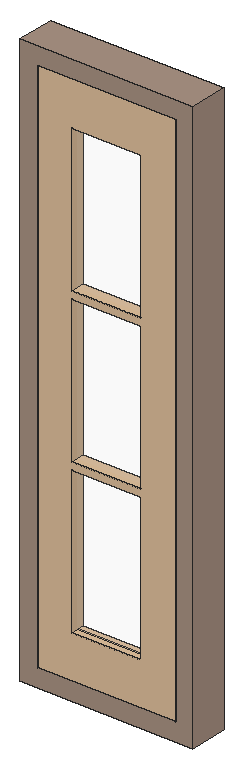
Revit family
Parameters (values of type "450 x 1500 mm")
  Top Rail = 100 mm
  Stile = 75 mm
  Material of Shutter = Shutter Material
  Material of Panel = Glass (2)
  Height = 1500 mm
  Frame Width = 60 mm
  Frame Depth = 100 mm
  Material of Frame = Frame Material
  Default Sill Height = 800 mm
  Wall Closure = (empty or 0)
  Width = 450 mm
  Bottom Rail = 100 mm
Types (4, lengths in mm): name | Width
  (no name) | 450
  600 x 1500 mm | 600
  450 x 1500 mm | 450
  750 x 1500 mm | 750
Reference planes
  plane 1: y = 0
  plane 2 "Center (Left/Right)": x = 0
  plane 3 "Left": x = -225
  plane 4 "Right": x = 225
  plane 5 "Sill": z = 800
  plane 6 "Head": z = 2300
  plane 7 "Exterior": y = 80
  plane 8 "Interior": y = -70
  plane 9: x = -165
  plane 10: x = 165
  plane 11: y = 50
  plane 12: y = -50
  plane 13: z = 2240
  plane 14: z = 860
  plane 15: x = -90
  plane 16: x = 90
  plane 17: z = 2140
  plane 18: z = 960
  plane 19: z = 2150
  plane 20: z = 950
  plane 21: z = 1750
  plane 22: z = 1350
  plane 23: z = 1550
Forms (mm)
  Sweep 1, solid, material "Frame Material" <- "Material of Frame"
    path origin (0, 0, 0) x (1, 0, 0) y (0, 0, 1)
      loop
        line (-225, 800) -> (225, 800) -> (225, 2300) -> (-225, 2300) -> (-225, 800)
    profile origin (0, 0, 1550) x (-1, 0, 0) y (0, -1, 0)
      loop
        line (225, 50) -> (180, 50) -> (180, 15) -> (165, 15) -> (165, -50) -> (225, -50) -> (225, 50)
  Extrusion 2, solid, material "Shutter Material" <- "Material of Shutter"
    sketch origin (0, -50, 0) x (1, 0, 0) y (0, 0, 1)
      loop
        line (180, 2255) -> (-180, 2255) -> (-180, 845) -> (180, 845) -> (180, 2255)
      loop
        line (-90, 2140) -> (-90, 1760) -> (90, 1760) -> (90, 2140) -> (-90, 2140)
      loop
        line (-90, 960) -> (90, 960) -> (90, 1340) -> (-90, 1340) -> (-90, 960)
      loop
        line (-90, 1740) -> (-90, 1360) -> (90, 1360) -> (90, 1740) -> (-90, 1740)
    from 0 to -35
  Extrusion 3, solid, material "Glass (2)" <- "Material of Panel"
    sketch origin (0, 0, 960) x (0, -1, 0) y (-1, 0, 0)
      loop
        line (30.5, -90) -> (34.5, -90) -> (34.5, 90) -> (30.5, 90) -> (30.5, -90)
    from 0 to -1180
Lines and regions (mm)
  Opening 1
    outline origin (3500, -70, 0) x (1, 0, 0) y (0, 0, 1)
      loop
        line (-3275, 800) -> (-3275, 2300) -> (-3725, 2300) -> (-3725, 800) -> (-3275, 800)
  symbolic lines, style "Elevation Swing"
    curve 1: line (-165, 0, 1550) -> (165, 0, 2240)
    curve 2: line (-165, 0, 1550) -> (165, 0, 860)
  symbolic lines, style "WindowsFrameMullionProjection", detail levels medium+fine
    curve 3: line (-225, -50, 0) -> (-225, 50, 0)
    curve 4: line (-225, 50, 0) -> (-165, 50, 0)
    curve 5: line (-165, 50, 0) -> (-165, -15, 0)
    curve 6: line (-180, -15, 0) -> (-165, -15, 0)
    curve 7: line (-180, -15, 0) -> (-180, -50, 0)
    curve 8: line (-180, -50, 0) -> (-225, -50, 0)
    curve 9: line (225, 50, 0) -> (225, -50, 0)
    curve 10: line (225, 50, 0) -> (165, 50, 0)
    curve 11: line (165, -15, 0) -> (165, 50, 0)
    curve 12: line (165, -15, 0) -> (180, -15, 0)
    curve 13: line (180, -15, 0) -> (180, -50, 0)
    curve 14: line (180, -50, 0) -> (225, -50, 0)
  symbolic lines, style "Plan Swing"
    curve 15: line (-180, -50, 0) -> (180, -50, 0)
    curve 16: line (-180, -15, 0) -> (180, -15, 0)
  symbolic lines, style "WindowsFrameMullionProjection", detail levels coarse
    curve 17: line (-180, -50, 0) -> (-225, -50, 0)
    curve 18: line (-180, 50, 0) -> (-180, -50, 0)
    curve 19: line (-225, 50, 0) -> (-180, 50, 0)
    curve 20: line (-225, -50, 0) -> (-225, 50, 0)
    curve 21: line (180, -50, 0) -> (225, -50, 0)
    curve 22: line (180, 50, 0) -> (180, -50, 0)
    curve 23: line (225, 50, 0) -> (180, 50, 0)
    curve 24: line (225, -50, 0) -> (225, 50, 0)
Text (mm)
  text "EXTERIOR" at (-1963.203, 1332.353, 0), in view "Ref. Level"
  text "INTERIOR" at (-1981.466, -818.386, 0), in view "Ref. Level"
  text "Exterior" at (0, 923.751, 2943.296), in view "Right"
  text "Exterior" at (0, 1040.484, 2685.409), in view "Left"
Dimensions and locks
  equal spacing: plane 3 "Left", plane 2 "Center (Left/Right)", plane 4 "Right"
  "Width": plane 3 "Left" to plane 4 "Right"
  "Height": plane 5 "Sill" to plane 6 "Head"
  "Default Sill Height": plane 5 "Sill" to level
  locked: plane 7 "Exterior" to host wall at 0
  locked: plane 8 "Interior" to host wall
  locked: Sweep 1 sketch curve to Sweep 1 sketch curve at 15
  locked: Sweep 1 sketch curve to Sweep 1 sketch curve at 35
  "Frame Width": plane 3 "Left" to plane 9
  "Frame Width": plane 10 to plane 4 "Right"
  equal spacing: plane 12, plane 1, plane 11
  "Frame Depth": plane 12 to plane 11
  "Frame Width": plane 6 "Head" to plane 13
  "Frame Width": plane 14 to plane 5 "Sill"
  "Stile": plane 15 to plane 9
  "Stile": plane 10 to plane 16
  "Top Rail": plane 13 to plane 17
  "Bottom Rail": plane 18 to plane 14
  locked: Extrusion 2 to Extrusion 3 sketch curve at 15.5
  locked: Extrusion 3 sketch curve to Extrusion 2 at 15.5
  equal spacing: plane 19, plane 21, plane 22, plane 20
  locked: plane 19 to plane 17 at 10
  locked: plane 18 to plane 20 at 10
  equal spacing: plane 5 "Sill", plane 23, plane 6 "Head"
  aligned and locked: host wall to Sweep 1 sketch curve
  aligned and locked: Sweep 1 sketch curve to host wall  (x3)
  aligned and locked: plane 12 to Sweep 1 sketch curve
  aligned and locked: Sweep 1 sketch curve to plane 3 "Left"
  aligned and locked: plane 11 to Sweep 1 sketch curve
  aligned and locked: plane 9 to Sweep 1 sketch curve
  aligned and locked: plane 15 to Extrusion 2 sketch curve
  aligned and locked: plane 17 to Extrusion 2 sketch curve
  aligned and locked: plane 18 to Extrusion 2 sketch curve
  aligned and locked: Extrusion 2 sketch curve to plane 16
  aligned and locked: Extrusion 2 to Extrusion 3 sketch curve
  aligned and locked: Extrusion 3 to Extrusion 2  (x2)
  aligned and locked: Sweep 1 to curve 1
  aligned and locked: curve 1 to Sweep 1
  aligned and locked: Sweep 1 to curve 2
  aligned and locked: curve 3 to Sweep 1  (x2)
  aligned and locked: curve 5 to Sweep 1
  aligned and locked: curve 6 to Sweep 1  (x2)
  aligned and locked: curve 9 to Sweep 1  (x2)
  aligned and locked: Sweep 1 to curve 9
  aligned and locked: Sweep 1 to curve 11
  aligned and locked: curve 11 to Sweep 1
  aligned and locked: curve 13 to Sweep 1
  aligned and locked: curve 6 to curve 16
  aligned and locked: curve 17 to plane 12
  aligned and locked: Sweep 1 to curve 20
  aligned and locked: plane 12 to curve 21
  aligned and locked: curve 24 to Sweep 1
Automatic sketch dimensions
  Opening 1 sketch curve to plane 3 "Left" = 0 mm
  Opening 1 sketch curve to plane 4 "Right" = 0 mm
  Opening 1 sketch curve to plane 5 "Sill" = 0 mm
  Opening 1 sketch curve to plane 6 "Head" = 0 mm
  Extrusion 3 sketch curve to plane 16 = 0 mm
  Extrusion 2 sketch curve to plane 9 = 15 mm
  plane 10 to Extrusion 2 sketch curve = 15 mm
  plane 14 to Extrusion 2 sketch curve = 15 mm
  Extrusion 2 sketch curve to plane 22 = 10 mm
  plane 22 to Extrusion 2 sketch curve = 10 mm
  Extrusion 2 sketch curve to plane 21 = 10 mm
  plane 21 to Extrusion 2 sketch curve = 10 mm
  Extrusion 2 sketch curve to plane 13 = 15 mm
  Extrusion 2 sketch curve to plane 15 = 0 mm  (x2)
  Extrusion 2 sketch curve to plane 16 = 0 mm  (x2)
  curve 1 to plane 13 = 0 mm
  curve 1 to plane 23 = 0 mm
  curve 2 to plane 14 = 0 mm
